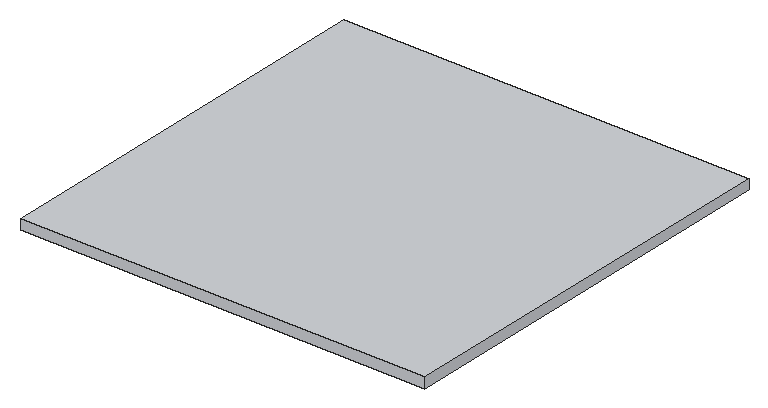
Revit family "79220", category Aparatos sanitarios, Revit 2017
Family settings
  Anfitrión = Cara
  Cota de conector redondo = Diámetro de uso
  Tipo de pieza = Normal
  Número OmniClass = 23.45.55.14
  Título OmniClass = Single Faucets
  Corte con vacíos al cargar = No
  Compartido = No
  Punto de cálculo de habitación = No
Parameters (values of type "79220")
  URL = "http://www.griferiasgalindo.com"
  Teléfono = "(+34) 915 782 575"
  TIPO DE AGUA = "Fria"
  REFERENCIA = "79220"
  Presión Máxima = "Max. 8 bar"
  PESO BRUTO = "1,500 Kg"
  Modelo = "PRESTO DOMO SENSIA - P con Pila CR-P2 Blanco"
  Material = LATON CROMADO
  Imagen de tipo = <Ninguno>
  Fabricante = "PRESTO IBÉRICA"
  Default Elevation = 1219.2 mm
  ENTRADA = "Macho 1/2\""
  Descripción = "Grifo eléctronico para lavabo de un agua para instalación mural."
  Código de montaje = "C1030220"
  Contacto = "info@prestoiberica.com"
  Conexión AF = yes
  Conexión AC = no
  Comentarios de tipo = "Ahorro de agua y energia. Componentes integrados. Conexiones internas estancas. Suministrador con caja para empotrar. Cierre automático de electroválvula en caso de fallo de alimentación eléctrica. Aireador \"Flowing Ecosystems\". Aclarado automático c/24h. Pack de pila CR-P2 estanco. Temperatura máxima 70ºC"
  CIERRE = "Automático en 120 seg."
  CAUDAL = "6 l/min."
  Accionamiento = "Manual"
Reference planes
  plane 1 "Centro (Frontal/Posterior)": y = 0
  plane 2: z = 0
  plane 3 "Centro (Izquierda/Derecha)": x = 0
Forms (mm)
  Extrusion 1, solid
    sketch origin (0, 0, 0) x (1, 0, 0) y (0, 1, 0)
      loop
        line (-100, 100) -> (-100, -100) -> (100, -100) -> (100, 100) -> (-100, 100)
    from 0 to -5
Dimensions and locks
  Extrusion 1 sketch curve to plane 1 "Centro (Frontal/Posterior)" = 100 mm
  aligned and locked: plane 2 to Extrusion 1
  aligned and locked: level to Extrusion 1
Connectors
  piping at (0, -43.5, -62.5), diameter 12.7
    settings: on import instance, index 1, connector inside diameter 609.6 mm, connector length 0 mm, flow factor 0, pipe flow 0.0 L/s, pressure drop 0.0 Pa, fitting loss kfactor 0, connector angle 0.00°, fixture units 0, engagement length 0 mm, angle of deflection 0.00°, flow configuration 0, flow direction 1, fitting loss method 0, system type 20, joint type 0, gender type 0, connector reference index -1, connector utility 0, adjustable connector no, is connector primary yes, connector description ""
